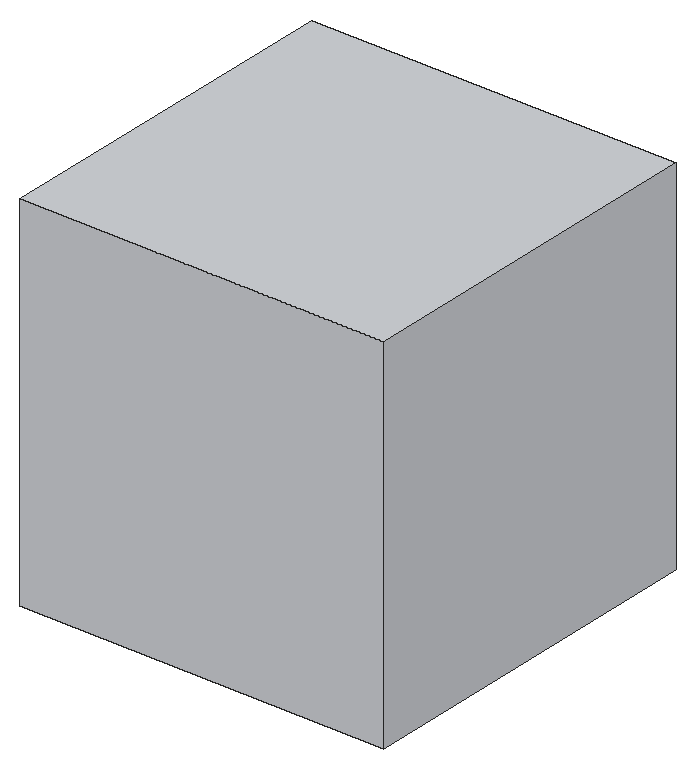
Revit family "MWC - Generico - volumi seconda consegna", category Modelli generici, Revit 2018
Family settings
  Può ospitare armatura = No
  Quota connettore circolare = Usa diametro
  Tipo di parte = Normale
  Basato su piano di lavoro = No
  Sempre verticale = Sì
  Taglio con vuoti quando caricato = No
  Condiviso = No
  Punto di calcolo locali = No
Parameters (values of type "50 x 50 x 50")
  widht = 500 mm
  thickness = 500 mm
Types (4, lengths in mm): name | widht | thickness
  (no name) | 500 | 500
  15 x 15 x15 | 150 | 150
  30 x 30 x 30 | 300 | 300
  50 x 50 x 50 | 500 | 500
Reference planes
  plane 1 "Centro (Fronte/Retro)": y = 0
  plane 2: z = 0
  plane 3 "Centro (Sinistra/Destra)": x = 0
  plane 4: x = 500
  plane 5: y = 500
  plane 6: z = 500
Forms (mm)
  Extrusion 1, solid
    sketch origin (0, 0, 0) x (1, 0, 0) y (0, 1, 0)
      loop
        line (0, 500) -> (0, 0) -> (500, 0) -> (500, 500) -> (0, 500)
    from 0 to 500
Dimensions and locks
  "widht": plane 5 to plane 1 "Centro (Fronte/Retro)"
  "widht": plane 3 "Centro (Sinistra/Destra)" to plane 4
  "thickness": plane 6 to level
  aligned and locked: level to plane 2
  aligned and locked: plane 5 to Extrusion 1 sketch curve
  aligned and locked: Extrusion 1 sketch curve to plane 4
  aligned and locked: plane 1 "Centro (Fronte/Retro)" to Extrusion 1 sketch curve
  aligned and locked: Extrusion 1 sketch curve to plane 3 "Centro (Sinistra/Destra)"
  aligned and locked: plane 6 to Extrusion 1
